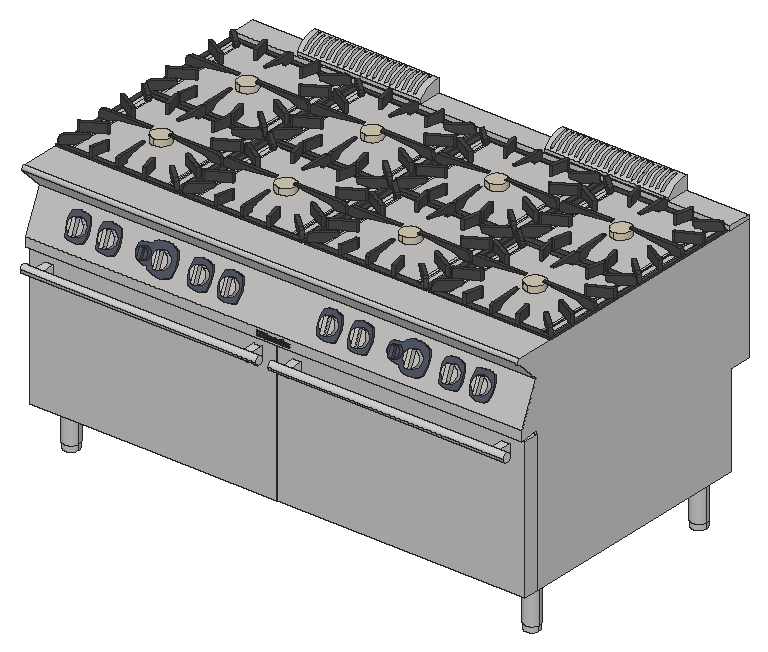
Revit family "QF_ELECTROLUXPROFESSIONAL_391584_E9AAPTBBMKI", category Attrezzature speciali, Revit 2018
Family settings
  Quota connettore circolare = Usa diametro
  Tipo di parte = Normale
  Basato su piano di lavoro = No
  Sempre verticale = Sì
  Taglio con vuoti quando caricato = No
  Condiviso = No
  Punto di calcolo locali = No
Parameters (values of type "Standard")
  Weight = 300.00 kg
  Watts = 0 W
  Volts = 0 V
  URL Manufacturer = "https://www.electroluxprofessional.com/"
  URL = "https://www.electroluxprofessional.com/"
  Steam Supply Size = 0"
  Steam Supply Minimum Pressure = 0.00 psi
  Steam Supply Maximum Pressure = 0.00 psi
  Steam Consumption per Hour = 0
  Show Logo [instance] = yes
  Show Clearance [instance] = yes
  Refrigeration Suction Line Size = 0 mm
  Refrigeration Liquid Line Size = 0 mm
  Refrigerant Compressor Remote = yes
  Phase = 0
  Modello = "E9AAPTBBMKI"
  Produttore = "Electrolux Professional"
  Length Actual = 1600 mm  # constant formula
  Item Number = "391584"
  Hot Water Size = 0"
  Height Actual = 850 mm  # constant formula
  HP = "0 HP"
  Gas Size = 1/2"
  Gas KW = 73
  Gas Input Pressure = 2.44723 Btu/h
  Direct Waste Size = 0"
  Descrizione = "8-BURNER GAS RANGE+2 OVENS 1600MM - QMARK"
  Depth Actual = 930 mm  # constant formula
  Cycle = 0 Hz
  Condensate Return Size = 0"
  Compressed Air Volume = 0 GPM
  Compressed Air Size = 0"
  Compressed Air Pressure = 0.00 psi
  Cold Water Size = 0"
  Assembly Code = ""
  Accessory = yes
Values of the unnamed type that differ from the named types
  Weight = 0.00 kg
  URL Manufacturer = ""
  Item Number = ""
  HP = ""
  Gas KW = 0
  Gas Input Pressure = 0.0 Btu/h
Reference planes
  plane 1 "BACK": y = 0
  plane 2: z = 0
  plane 3 "LEFT": x = 0
  plane 4 "RIGHT": x = 1600
  plane 5 "FRONT": y = -700
  plane 6 "TOP": z = 908
  plane 7 "Center Y": x = 800
  plane 8 "Center X": y = -350
  plane 9 "Base": z = 150
  plane 10: z = 850
  plane 11: y = -930
  plane 12: y = -1109
  plane 13: y = -128
  plane 14: y = -802
  plane 15: y = -1310
  plane 16: y = -665
  plane 17: x = 56
  plane 18: x = 1544
  plane 19: x = 749
Forms (mm)
  Extrusion 1, solid, material "QF_Finishes_Stainless Steel"
    sketch origin (0, 0, 0) x (0, 1, 0) y (0, 0, 1)
      loop
        line (0, 450) -> (0, 850) -> (-921.37, 850)
        arc (-921.37, 850) -> (-929.343, 844.673) -> (-927.472, 835.268) r 8.63
        line (-927.472, 835.268) -> (-858.266, 765.933) -> (-915.833, 640.576) -> (-915.833, 609.279) -> (-855.839, 613.975)
        arc (-855.839, 613.975) -> (-853.314, 613.227) -> (-852.222, 610.831) r 3.175
        line (-852.222, 610.831) -> (-852.222, 150) -> (-71, 150) -> (-71, 450) -> (0, 450)
    from 0 to 1600
  Extrusion 2, solid, material "QF_Finishes_Stainless Steel"
    sketch origin (0, -852.222, 610.831) x (0, 0, -1) y (1, 0, 0)
      loop
        line (460.831, 363.774) -> (460.831, 798) -> (9.61, 798) -> (9.61, 378.321) -> (9.61, 0) -> (460.831, 0) -> (460.831, 363.774)
      loop
        line (9.61, 1600) -> (9.61, 802) -> (460.831, 802) -> (460.831, 1600) -> (9.61, 1600)
    from 3.175 to 47.778
  Extrusion 3, solid, material "QF_Finishes_Stainless Steel"
    sketch origin (0, 0, 0) x (0, -1, 0) y (0, 0, 1)
      loop
        line (0, 850) -> (76.2, 850) -> (76.2, 864.288) -> (0, 864.288) -> (0, 850)
    from 0 to -1600
  Extrusion 4, solid, material "QF_Finishes_Stainless Steel"
    sketch origin (0, -852.222, 150) x (1, 0, 0) y (0, -1, 0)
      loop
        circle (1549, -187.222) r 6.4
      loop
        circle (749, -187.222) r 6.4
    from 0 to 22
  Extrusion 5, solid, material "QF_Door-Drawer Clearances", visible <- "Show Clearance", detail levels coarse
    sketch origin (0, -200, 0) x (0, 1, 0) y (0, 0, 1)
      loop
        line (-1110, 150) -> (-700, 150) -> (-700, 602.41)
        arc (-700, 602.41) -> (-992.25, 455.276) -> (-1110, 150) r 454.603
    from 0 to 798
  Extrusion 6, solid, material "QF_Clearances", visible <- "Show Clearance", detail levels coarse
    sketch origin (0, -200, 0) x (1, 0, 0) y (0, 1, 0)
      loop
        line (-100, -730) -> (0, -730) -> (0, 200) -> (1600, 200) -> (1600, -730) -> (1700, -730) -> (1700, 300) -> (-100, 300) -> (-100, -730)
    from 0 to 908
  Extrusion 7, solid, material "QF_Finishes_Handrails and Railings"
    sketch origin (0, -200, 0) x (0, 1, 0) y (0, 0, 1)
      loop
        line (-700, 579.101) -> (-738.549, 576.396)
        arc (-738.549, 576.396) -> (-739.742, 562.589) -> (-752.852, 558.093) r 12.7
        arc (-752.852, 558.093) -> (-752.311, 557.276) -> (-751.712, 556.501) r 13.441
        arc (-751.712, 556.501) -> (-749.907, 555.055) -> (-747.68, 554.435) r 5.77
        line (-747.68, 554.435) -> (-700, 551.092) -> (-700, 579.101)
    from 50.8 to 76.2
  Extrusion 8, solid, material "QF_Finishes_Handrails and Railings"
    sketch origin (800, -200, 0) x (0, 1, 0) y (0, 0, -1)
      loop
        line (-700, -579.101) -> (-700, -551.092) -> (-747.68, -554.435)
        arc (-747.68, -554.435) -> (-749.907, -555.055) -> (-751.712, -556.501) r 5.77
        arc (-751.712, -556.501) -> (-752.311, -557.276) -> (-752.852, -558.093) r 13.441
        arc (-752.852, -558.093) -> (-739.742, -562.589) -> (-738.549, -576.396) r 12.7
        line (-738.549, -576.396) -> (-700, -579.101)
    from 50.8 to 76.2
  Extrusion 9, solid, material "QF_Finishes_Handrails and Railings"
    sketch origin (0, -200, 0) x (0, 1, 0) y (0, 0, 1)
      loop
        circle (-749.749, 570.409) r 12.7
    from 19.875 to 780.125
  Extrusion 10, solid, material "QF_Finishes_Navy Blue"
    sketch origin (2.744, -913.772, 646.186) x (0, 0.418102, 0.9084) y (-1, 0, 0)
      loop
        arc (102.623, -510.47) -> (67.041, -502.846) -> (31.333, -509.853) r 90.5
        arc (31.333, -509.853) -> (24.507, -539.04) -> (31.333, -568.228) r 65.817
        arc (31.333, -568.228) -> (67.04, -575.188) -> (102.623, -567.615) r 91.066
        arc (102.623, -567.615) -> (109.179, -539.043) -> (102.623, -510.47) r 65.546
    from 0 to 3.175
  Extrusion 11, solid, material "QF_Finishes_Stainless Steel"
    sketch origin (381.494, -917.485, 645.711) x (0, 0.418102, 0.9084) y (-1, 0, 0)
      loop
        circle (68.826, -160.963) r 25.4
    from 0 to 12.7
  Extrusion 12, solid, material "QF_Finishes_Stainless Steel"
    sketch origin (381.494, -929.022, 651.021) x (0, 0.418102, 0.9084) y (-1, 0, 0)
      loop
        arc (93.558, -166.749) -> (94.226, -160.963) -> (93.558, -155.177) r 25.4
        line (93.558, -155.177) -> (44.094, -155.177)
        arc (44.094, -155.177) -> (43.426, -160.963) -> (44.094, -166.749) r 25.4
        line (44.094, -166.749) -> (93.558, -166.749)
    from 0 to 12.7
  Extrusion 13, solid, material "QF_Finishes_Navy Blue"
    sketch origin (-119.713, -913.772, 646.186) x (0, 0.418102, 0.9084) y (-1, 0, 0)
      loop
        arc (104.355, -502.587) -> (101.326, -501.258) -> (98.25, -500.039) r 91.066
        arc (98.25, -500.039) -> (96.592, -482.449) -> (93.213, -465.107) r 179.528
        arc (93.213, -465.107) -> (69.244, -452.795) -> (45.274, -465.107) r 29.489
        arc (45.274, -465.107) -> (38.909, -481.441) -> (37.449, -498.912) r 61.044
        arc (37.449, -498.912) -> (34.471, -499.962) -> (31.532, -501.116) r 91.066
        arc (31.532, -501.116) -> (19.517, -540.223) -> (32.929, -578.873) r 65.817
        arc (32.929, -578.873) -> (68.105, -585.173) -> (102.996, -577.452) r 91.066
        arc (102.996, -577.452) -> (115.418, -540.233) -> (104.355, -502.587) r 65.546
    from 0 to 3.175
  Extrusion 14, solid, material "QF_Finishes_Stainless Steel"
    sketch origin (259.037, -917.485, 645.711) x (0, 0.418102, 0.9084) y (-1, 0, 0)
      loop
        circle (68.826, -160.963) r 25.4
    from 0 to 12.7
  Extrusion 15, solid, material "QF_Finishes_Stainless Steel"
    sketch origin (259.037, -929.022, 651.021) x (0, 0.418102, 0.9084) y (-1, 0, 0)
      loop
        arc (93.558, -166.749) -> (94.226, -160.963) -> (93.558, -155.177) r 25.4
        line (93.558, -155.177) -> (44.094, -155.177)
        arc (44.094, -155.177) -> (43.426, -160.963) -> (44.094, -166.749) r 25.4
        line (44.094, -166.749) -> (93.558, -166.749)
    from 0 to 12.7
  Extrusion 16, solid, material "QF_Finishes_Navy Blue"
    sketch origin (201.537, -917.485, 645.711) x (0, 0.418102, 0.9084) y (-1, 0, 0)
      loop
        circle (68.826, -160.963) r 18.37
    from 0 to 12.7
  Extrusion 17, solid, material "QF_Finishes_Navy Blue"
    sketch origin (200.246, -929.022, 651.021) x (0, 0.418102, 0.9084) y (-1, 0, 0)
      loop
        arc (84.808, -167.687) -> (85.476, -161.901) -> (84.808, -156.114) r 25.4
        line (84.808, -156.114) -> (52.844, -156.114)
        arc (52.844, -156.114) -> (52.176, -161.901) -> (52.844, -167.687) r 25.4
        line (52.844, -167.687) -> (84.808, -167.687)
    from 0 to 8.112
  Extrusion 18, solid, material "QF_Finishes_Navy Blue"
    sketch origin (100.244, -913.772, 646.186) x (0, 0.418102, 0.9084) y (-1, 0, 0)
      loop
        arc (102.623, -510.47) -> (67.041, -502.846) -> (31.333, -509.853) r 90.5
        arc (31.333, -509.853) -> (24.507, -539.04) -> (31.333, -568.228) r 65.817
        arc (31.333, -568.228) -> (67.04, -575.188) -> (102.623, -567.615) r 91.066
        arc (102.623, -567.615) -> (109.179, -539.043) -> (102.623, -510.47) r 65.546
    from 0 to 3.175
  Extrusion 19, solid, material "QF_Finishes_Stainless Steel"
    sketch origin (478.994, -917.485, 645.711) x (0, 0.418102, 0.9084) y (-1, 0, 0)
      loop
        circle (68.826, -160.963) r 25.4
    from 0 to 12.7
  Extrusion 20, solid, material "QF_Finishes_Stainless Steel"
    sketch origin (478.994, -929.022, 651.021) x (0, 0.418102, 0.9084) y (-1, 0, 0)
      loop
        arc (93.558, -166.749) -> (94.226, -160.963) -> (93.558, -155.177) r 25.4
        line (93.558, -155.177) -> (44.094, -155.177)
        arc (44.094, -155.177) -> (43.426, -160.963) -> (44.094, -166.749) r 25.4
        line (44.094, -166.749) -> (93.558, -166.749)
    from 0 to 12.7
  Extrusion 21, solid, material "QF_Finishes_Navy Blue"
    sketch origin (-392.256, -913.772, 646.186) x (0, 0.418102, 0.9084) y (-1, 0, 0)
      loop
        arc (102.623, -510.47) -> (67.041, -502.846) -> (31.333, -509.853) r 90.5
        arc (31.333, -509.853) -> (24.507, -539.04) -> (31.333, -568.228) r 65.817
        arc (31.333, -568.228) -> (67.04, -575.188) -> (102.623, -567.615) r 91.066
        arc (102.623, -567.615) -> (109.179, -539.043) -> (102.623, -510.47) r 65.546
    from 0 to 3.175
  Extrusion 22, solid, material "QF_Finishes_Stainless Steel"
    sketch origin (-13.506, -917.485, 645.711) x (0, 0.418102, 0.9084) y (-1, 0, 0)
      loop
        circle (68.826, -160.963) r 25.4
    from 0 to 12.7
  Extrusion 23, solid, material "QF_Finishes_Stainless Steel"
    sketch origin (-13.506, -929.022, 651.021) x (0, 0.418102, 0.9084) y (-1, 0, 0)
      loop
        arc (93.558, -166.749) -> (94.226, -160.963) -> (93.558, -155.177) r 25.4
        line (93.558, -155.177) -> (44.094, -155.177)
        arc (44.094, -155.177) -> (43.426, -160.963) -> (44.094, -166.749) r 25.4
        line (44.094, -166.749) -> (93.558, -166.749)
    from 0 to 12.7
  Extrusion 24, solid, material "QF_Finishes_Navy Blue"
    sketch origin (-292.256, -913.772, 646.186) x (0, 0.418102, 0.9084) y (-1, 0, 0)
      loop
        arc (102.623, -510.47) -> (67.041, -502.846) -> (31.333, -509.853) r 90.5
        arc (31.333, -509.853) -> (24.507, -539.04) -> (31.333, -568.228) r 65.817
        arc (31.333, -568.228) -> (67.04, -575.188) -> (102.623, -567.615) r 91.066
        arc (102.623, -567.615) -> (109.179, -539.043) -> (102.623, -510.47) r 65.546
    from 0 to 3.175
  Extrusion 25, solid, material "QF_Finishes_Stainless Steel"
    sketch origin (86.494, -917.485, 645.711) x (0, 0.418102, 0.9084) y (-1, 0, 0)
      loop
        circle (68.826, -160.963) r 25.4
    from 0 to 12.7
  Extrusion 26, solid, material "QF_Finishes_Stainless Steel"
    sketch origin (86.494, -929.022, 651.021) x (0, 0.418102, 0.9084) y (-1, 0, 0)
      loop
        arc (93.558, -166.749) -> (94.226, -160.963) -> (93.558, -155.177) r 25.4
        line (93.558, -155.177) -> (44.094, -155.177)
        arc (44.094, -155.177) -> (43.426, -160.963) -> (44.094, -166.749) r 25.4
        line (44.094, -166.749) -> (93.558, -166.749)
    from 0 to 12.7
  Extrusion 27, solid, material "QF_Finishes_Stainless Steel"
    sketch origin (0, -852.222, 150) x (1, 0, 0) y (0, -1, 0)
      loop
        circle (1557, -276.222) r 12.7
    from 0 to 5
  Revolve 28, solid, material "QF_Finishes_Stainless Steel"
    sketch origin (1, -128, 0) x (1, 0, 0) y (0, 0, 1)
      loop
        line (55, 0) -> (55, 150) -> (29.6, 150) -> (29.6, 19.05) -> (32.1, 19.05) -> (32.1, 0) -> (55, 0)
      axis (55, 0) -> (55, 150)
    angle from 0 to 360
  Revolve 29, solid, material "QF_Finishes_Stainless Steel"
    sketch origin (1, -802, 0) x (1, 0, 0) y (0, 0, 1)
      loop
        line (55, 0) -> (55, 150) -> (29.6, 150) -> (29.6, 19.05) -> (32.1, 19.05) -> (32.1, 0) -> (55, 0)
      axis (55, 0) -> (55, 150)
    angle from 0 to 360
  Extrusion 30, solid, material "QF_Finishes_Stainless Steel"
    sketch origin (1000, -200, 590.5) x (0, 1, 0) y (0, 0, -1)
      loop
        line (200, -273.788) -> (130.15, -273.788) -> (130.15, -283.312)
        arc (130.15, -283.312) -> (160.928, -308.879) -> (200, -317.5) r 84.854
        line (200, -317.5) -> (200, -273.788)
    from 400 to 800
  Extrusion 31, void
    sketch origin (1265.011, 0, 865.138) x (1, 0, 0) y (0, 1, 0)
      loop
        line (-695.005, -6.761) -> (-695.005, -63.911) -> (-685.709, -63.911) -> (-685.709, -6.761) -> (-695.005, -6.761)
      loop
        line (-713.697, -6.761) -> (-713.697, -63.911) -> (-704.401, -63.911) -> (-704.401, -6.761) -> (-713.697, -6.761)
      loop
        line (-732.39, -6.761) -> (-732.39, -63.911) -> (-723.094, -63.911) -> (-723.094, -6.761) -> (-732.39, -6.761)
      loop
        line (-751.082, -6.761) -> (-751.082, -63.911) -> (-741.787, -63.911) -> (-741.787, -6.761) -> (-751.082, -6.761)
      loop
        line (-769.775, -6.761) -> (-769.775, -63.911) -> (-760.479, -63.911) -> (-760.479, -6.761) -> (-769.775, -6.761)
      loop
        line (-788.468, -6.761) -> (-788.468, -63.911) -> (-779.172, -63.911) -> (-779.172, -6.761) -> (-788.468, -6.761)
      loop
        line (-807.16, -6.761) -> (-807.16, -63.911) -> (-797.864, -63.911) -> (-797.864, -6.761) -> (-807.16, -6.761)
      loop
        line (-825.853, -6.761) -> (-825.853, -63.911) -> (-816.557, -63.911) -> (-816.557, -6.761) -> (-825.853, -6.761)
      loop
        line (-844.545, -6.761) -> (-844.545, -63.911) -> (-835.25, -63.911) -> (-835.25, -6.761) -> (-844.545, -6.761)
      loop
        line (-863.238, -6.761) -> (-863.238, -63.911) -> (-853.942, -63.911) -> (-853.942, -6.761) -> (-863.238, -6.761)
      loop
        line (-881.931, -6.761) -> (-881.931, -63.911) -> (-872.635, -63.911) -> (-872.635, -6.761) -> (-881.931, -6.761)
      loop
        line (-900.623, -6.761) -> (-900.623, -63.911) -> (-891.328, -63.911) -> (-891.328, -6.761) -> (-900.623, -6.761)
      loop
        line (-919.316, -6.761) -> (-919.316, -63.911) -> (-910.02, -63.911) -> (-910.02, -6.761) -> (-919.316, -6.761)
      loop
        line (-938.008, -6.761) -> (-938.008, -63.911) -> (-928.713, -63.911) -> (-928.713, -6.761) -> (-938.008, -6.761)
      loop
        line (-956.701, -6.761) -> (-956.701, -63.911) -> (-947.405, -63.911) -> (-947.405, -6.761) -> (-956.701, -6.761)
      loop
        line (-975.394, -6.761) -> (-975.394, -63.911) -> (-966.098, -63.911) -> (-966.098, -6.761) -> (-975.394, -6.761)
      loop
        line (-994.086, -6.761) -> (-994.086, -63.911) -> (-984.791, -63.911) -> (-984.791, -6.761) -> (-994.086, -6.761)
      loop
        line (-1012.779, -6.761) -> (-1012.779, -63.911) -> (-1003.483, -63.911) -> (-1003.483, -6.761) -> (-1012.779, -6.761)
      loop
        line (-1031.472, -6.761) -> (-1031.472, -63.911) -> (-1022.176, -63.911) -> (-1022.176, -6.761) -> (-1031.472, -6.761)
      loop
        line (-1050.164, -6.761) -> (-1050.164, -63.911) -> (-1040.868, -63.911) -> (-1040.868, -6.761) -> (-1050.164, -6.761)
    from 9.525 to 45.348
  Extrusion 32, solid, material "QF_Finishes_Handrails and Railings"
    sketch origin (1600, -200, 0) x (0, 1, 0) y (0, 0, -1)
      loop
        line (-700, -579.101) -> (-700, -551.092) -> (-747.68, -554.435)
        arc (-747.68, -554.435) -> (-749.907, -555.055) -> (-751.712, -556.501) r 5.77
        arc (-751.712, -556.501) -> (-752.311, -557.276) -> (-752.852, -558.093) r 13.441
        arc (-752.852, -558.093) -> (-739.742, -562.589) -> (-738.549, -576.396) r 12.7
        line (-738.549, -576.396) -> (-700, -579.101)
    from 50.8 to 76.2
  Extrusion 33, solid, material "QF_Finishes_Handrails and Railings"
    sketch origin (800, -200, 0) x (0, 1, 0) y (0, 0, 1)
      loop
        line (-700, 579.101) -> (-738.549, 576.396)
        arc (-738.549, 576.396) -> (-739.742, 562.589) -> (-752.852, 558.093) r 12.7
        arc (-752.852, 558.093) -> (-752.311, 557.276) -> (-751.712, 556.501) r 13.441
        arc (-751.712, 556.501) -> (-749.907, 555.055) -> (-747.68, 554.435) r 5.77
        line (-747.68, 554.435) -> (-700, 551.092) -> (-700, 579.101)
    from 50.8 to 76.2
  Extrusion 34, solid, material "QF_Finishes_Handrails and Railings"
    sketch origin (1600, -200, 0) x (0, 1, 0) y (0, 0, -1)
      loop
        circle (-749.749, -570.409) r 12.7
    from 19.875 to 780.125
  Revolve 35, solid, material "QF_Finishes_Stainless Steel"
    sketch origin (1599, -128, 0) x (-1, 0, 0) y (0, 0, -1)
      loop
        line (55, 0) -> (32.1, 0) -> (32.1, -19.05) -> (29.6, -19.05) -> (29.6, -150) -> (55, -150) -> (55, 0)
      axis (55, 0) -> (55, -150)
    angle from 0 to 360
  Revolve 36, solid, material "QF_Finishes_Stainless Steel"
    sketch origin (1599, -802, 0) x (-1, 0, 0) y (0, 0, -1)
      loop
        line (55, 0) -> (32.1, 0) -> (32.1, -19.05) -> (29.6, -19.05) -> (29.6, -150) -> (55, -150) -> (55, 0)
      axis (55, 0) -> (55, -150)
    angle from 0 to 360
  Extrusion 37, solid, material "QF_Finishes_Navy Blue"
    sketch origin (815.33, -913.772, 646.186) x (0, 0.418102, 0.9084) y (-1, 0, 0)
      loop
        arc (102.623, -510.47) -> (67.041, -502.846) -> (31.333, -509.853) r 90.5
        arc (31.333, -509.853) -> (24.507, -539.04) -> (31.333, -568.228) r 65.817
        arc (31.333, -568.228) -> (67.04, -575.188) -> (102.623, -567.615) r 91.066
        arc (102.623, -567.615) -> (109.179, -539.043) -> (102.623, -510.47) r 65.546
    from 0 to 3.175
  Extrusion 38, solid, material "QF_Finishes_Stainless Steel"
    sketch origin (1194.08, -917.485, 645.711) x (0, 0.418102, 0.9084) y (-1, 0, 0)
      loop
        circle (68.826, -160.963) r 25.4
    from 0 to 12.7
  Extrusion 39, solid, material "QF_Finishes_Stainless Steel"
    sketch origin (1194.08, -929.022, 651.021) x (0, 0.418102, 0.9084) y (-1, 0, 0)
      loop
        arc (93.558, -166.749) -> (94.226, -160.963) -> (93.558, -155.177) r 25.4
        line (93.558, -155.177) -> (44.094, -155.177)
        arc (44.094, -155.177) -> (43.426, -160.963) -> (44.094, -166.749) r 25.4
        line (44.094, -166.749) -> (93.558, -166.749)
    from 0 to 12.7
  Extrusion 40, solid, material "QF_Finishes_Navy Blue"
    sketch origin (692.873, -913.772, 646.186) x (0, 0.418102, 0.9084) y (-1, 0, 0)
      loop
        arc (104.355, -502.587) -> (101.326, -501.258) -> (98.25, -500.039) r 91.066
        arc (98.25, -500.039) -> (96.592, -482.449) -> (93.213, -465.107) r 179.528
        arc (93.213, -465.107) -> (69.244, -452.795) -> (45.274, -465.107) r 29.489
        arc (45.274, -465.107) -> (38.909, -481.441) -> (37.449, -498.912) r 61.044
        arc (37.449, -498.912) -> (34.471, -499.962) -> (31.532, -501.116) r 91.066
        arc (31.532, -501.116) -> (19.517, -540.223) -> (32.929, -578.873) r 65.817
        arc (32.929, -578.873) -> (68.105, -585.173) -> (102.996, -577.452) r 91.066
        arc (102.996, -577.452) -> (115.418, -540.233) -> (104.355, -502.587) r 65.546
    from 0 to 3.175
  Extrusion 41, solid, material "QF_Finishes_Stainless Steel"
    sketch origin (1071.623, -917.485, 645.711) x (0, 0.418102, 0.9084) y (-1, 0, 0)
      loop
        circle (68.826, -160.963) r 25.4
    from 0 to 12.7
  Extrusion 42, solid, material "QF_Finishes_Stainless Steel"
    sketch origin (1071.623, -929.022, 651.021) x (0, 0.418102, 0.9084) y (-1, 0, 0)
      loop
        arc (93.558, -166.749) -> (94.226, -160.963) -> (93.558, -155.177) r 25.4
        line (93.558, -155.177) -> (44.094, -155.177)
        arc (44.094, -155.177) -> (43.426, -160.963) -> (44.094, -166.749) r 25.4
        line (44.094, -166.749) -> (93.558, -166.749)
    from 0 to 12.7
  Extrusion 43, solid, material "QF_Finishes_Navy Blue"
    sketch origin (1014.123, -917.485, 645.711) x (0, 0.418102, 0.9084) y (-1, 0, 0)
      loop
        circle (68.826, -160.963) r 18.37
    from 0 to 12.7
  Extrusion 44, solid, material "QF_Finishes_Navy Blue"
    sketch origin (1012.832, -929.022, 651.021) x (0, 0.418102, 0.9084) y (-1, 0, 0)
      loop
        arc (84.808, -167.687) -> (85.476, -161.901) -> (84.808, -156.114) r 25.4
        line (84.808, -156.114) -> (52.844, -156.114)
        arc (52.844, -156.114) -> (52.176, -161.901) -> (52.844, -167.687) r 25.4
        line (52.844, -167.687) -> (84.808, -167.687)
    from 0 to 8.112
  Extrusion 45, solid, material "QF_Finishes_Navy Blue"
    sketch origin (912.83, -913.772, 646.186) x (0, 0.418102, 0.9084) y (-1, 0, 0)
      loop
        arc (102.623, -510.47) -> (67.041, -502.846) -> (31.333, -509.853) r 90.5
        arc (31.333, -509.853) -> (24.507, -539.04) -> (31.333, -568.228) r 65.817
        arc (31.333, -568.228) -> (67.04, -575.188) -> (102.623, -567.615) r 91.066
        arc (102.623, -567.615) -> (109.179, -539.043) -> (102.623, -510.47) r 65.546
    from 0 to 3.175
  Extrusion 46, solid, material "QF_Finishes_Stainless Steel"
    sketch origin (1291.58, -917.485, 645.711) x (0, 0.418102, 0.9084) y (-1, 0, 0)
      loop
        circle (68.826, -160.963) r 25.4
    from 0 to 12.7
  Extrusion 47, solid, material "QF_Finishes_Stainless Steel"
    sketch origin (1291.58, -929.022, 651.021) x (0, 0.418102, 0.9084) y (-1, 0, 0)
      loop
        arc (93.558, -166.749) -> (94.226, -160.963) -> (93.558, -155.177) r 25.4
        line (93.558, -155.177) -> (44.094, -155.177)
        arc (44.094, -155.177) -> (43.426, -160.963) -> (44.094, -166.749) r 25.4
        line (44.094, -166.749) -> (93.558, -166.749)
    from 0 to 12.7
  Extrusion 48, solid, material "QF_Finishes_Navy Blue"
    sketch origin (420.33, -913.772, 646.186) x (0, 0.418102, 0.9084) y (-1, 0, 0)
      loop
        arc (102.623, -510.47) -> (67.041, -502.846) -> (31.333, -509.853) r 90.5
        arc (31.333, -509.853) -> (24.507, -539.04) -> (31.333, -568.228) r 65.817
        arc (31.333, -568.228) -> (67.04, -575.188) -> (102.623, -567.615) r 91.066
        arc (102.623, -567.615) -> (109.179, -539.043) -> (102.623, -510.47) r 65.546
    from 0 to 3.175
  Extrusion 49, solid, material "QF_Finishes_Stainless Steel"
    sketch origin (799.08, -917.485, 645.711) x (0, 0.418102, 0.9084) y (-1, 0, 0)
      loop
        circle (68.826, -160.963) r 25.4
    from 0 to 12.7
  Extrusion 50, solid, material "QF_Finishes_Stainless Steel"
    sketch origin (799.08, -929.022, 651.021) x (0, 0.418102, 0.9084) y (-1, 0, 0)
      loop
        arc (93.558, -166.749) -> (94.226, -160.963) -> (93.558, -155.177) r 25.4
        line (93.558, -155.177) -> (44.094, -155.177)
        arc (44.094, -155.177) -> (43.426, -160.963) -> (44.094, -166.749) r 25.4
        line (44.094, -166.749) -> (93.558, -166.749)
    from 0 to 12.7
  Extrusion 51, solid, material "QF_Finishes_Navy Blue"
    sketch origin (520.33, -913.772, 646.186) x (0, 0.418102, 0.9084) y (-1, 0, 0)
      loop
        arc (102.623, -510.47) -> (67.041, -502.846) -> (31.333, -509.853) r 90.5
        arc (31.333, -509.853) -> (24.507, -539.04) -> (31.333, -568.228) r 65.817
        arc (31.333, -568.228) -> (67.04, -575.188) -> (102.623, -567.615) r 91.066
        arc (102.623, -567.615) -> (109.179, -539.043) -> (102.623, -510.47) r 65.546
    from 0 to 3.175
  Extrusion 52, solid, material "QF_Finishes_Stainless Steel"
    sketch origin (899.08, -917.485, 645.711) x (0, 0.418102, 0.9084) y (-1, 0, 0)
      loop
        circle (68.826, -160.963) r 25.4
    from 0 to 12.7
  Extrusion 53, solid, material "QF_Finishes_Stainless Steel"
    sketch origin (899.08, -929.022, 651.021) x (0, 0.418102, 0.9084) y (-1, 0, 0)
      loop
        arc (93.558, -166.749) -> (94.226, -160.963) -> (93.558, -155.177) r 25.4
        line (93.558, -155.177) -> (44.094, -155.177)
        arc (44.094, -155.177) -> (43.426, -160.963) -> (44.094, -166.749) r 25.4
        line (44.094, -166.749) -> (93.558, -166.749)
    from 0 to 12.7
  Extrusion 54, solid, material "QF_Door-Drawer Clearances", visible <- "Show Clearance", detail levels coarse
    sketch origin (0, -200, 0) x (0, 1, 0) y (0, 0, 1)
      loop
        line (-1110, 150) -> (-700, 150) -> (-700, 602.41)
        arc (-700, 602.41) -> (-992.25, 455.276) -> (-1110, 150) r 454.603
    from 802 to 1600
  Extrusion 55, solid, material "QF_Finishes_Navy Blue", visible <- "Show Logo"
    sketch origin (0, -915.833, 609.279) x (0, 0, 1) y (-1, 0, 0)
      loop
        line (22.168, -756.207) -> (9.801, -756.207)
        arc (9.801, -756.207) -> (15.985, -760.778) -> (22.168, -756.207) r 6.467
      loop
        arc (22.168, -755.578) -> (20.999, -750.435) -> (16.343, -747.957) r 6.338
        line (16.343, -747.957) -> (16.343, -750.003)
        arc (16.343, -750.003) -> (17.827, -753.658) -> (21.272, -755.578) r 5.941
        line (21.272, -755.578) -> (22.168, -755.578)
      loop
        arc (10.697, -755.578) -> (14.142, -753.658) -> (15.626, -750.003) r 5.941
        line (15.626, -750.003) -> (15.626, -747.957)
        arc (15.626, -747.957) -> (10.932, -750.431) -> (9.642, -755.578) r 6.504
        line (9.642, -755.578) -> (10.697, -755.578)
      loop
        line (22.843, -747.488) -> (9.098, -747.488) -> (9.098, -761.251) -> (22.843, -761.251) -> (22.843, -747.488)
      loop
        arc (22.926, -764.218) -> (22.579, -763.861) -> (22.212, -764.199) r 0.358
        arc (22.212, -764.199) -> (21.897, -764.949) -> (21.181, -765.334) r 1.216
        line (21.181, -765.334) -> (10.768, -765.334)
        arc (10.768, -765.334) -> (10.108, -765.056) -> (9.712, -764.46) r 1.238
        arc (9.712, -764.46) -> (9.317, -764.209) -> (9.012, -764.563) r 0.358
        line (9.012, -764.563) -> (9.012, -774.442) -> (11.763, -774.442) -> (11.763, -773.545)
        arc (11.763, -773.545) -> (10.854, -772.965) -> (10.398, -771.988) r 1.928
        line (10.398, -771.988) -> (10.398, -769.489)
        arc (10.398, -769.489) -> (10.674, -768.76) -> (11.362, -768.396) r 1.101
        line (11.362, -768.396) -> (15.449, -768.396) -> (15.449, -772.069)
        arc (15.449, -772.069) -> (15.096, -772.566) -> (14.531, -772.794) r 1.083
        arc (14.531, -772.794) -> (14.267, -773.1) -> (14.559, -773.378) r 0.292
        line (14.559, -773.378) -> (17.521, -773.378)
        arc (17.521, -773.378) -> (17.824, -773.105) -> (17.586, -772.775) r 0.305
        arc (17.586, -772.775) -> (17.095, -772.527) -> (16.79, -772.069) r 1.083
        line (16.79, -772.069) -> (16.79, -768.396) -> (21.467, -768.396) -> (21.467, -772.143)
        arc (21.467, -772.143) -> (21.253, -772.899) -> (20.647, -773.397) r 1.314
        arc (20.647, -773.397) -> (20.427, -773.801) -> (20.782, -774.093) r 0.361
        line (20.782, -774.093) -> (22.926, -774.093) -> (22.926, -764.218)
      loop
        arc (22.209, -774.874) -> (21.828, -775.793) -> (20.91, -776.173) r 1.299
        line (20.91, -776.173) -> (11.331, -776.173)
        arc (11.331, -776.173) -> (10.493, -775.795) -> (10.221, -774.917) r 1.118
        line (10.221, -774.917) -> (9.012, -774.917) -> (9.012, -780.267) -> (10.2, -780.267)
        arc (10.2, -780.267) -> (10.472, -779.35) -> (11.342, -778.954) r 1.153
        line (11.342, -778.954) -> (23.414, -778.954) -> (22.209, -774.874)
      loop
        line (13.977, -782.903) -> (13.977, -789.35) -> (14.776, -789.35)
        arc (14.776, -789.35) -> (17.356, -788.366) -> (18.625, -785.912) r 3.874
        line (18.625, -785.912) -> (18.625, -784.152)
        arc (18.625, -784.152) -> (17.438, -781.287) -> (14.574, -780.101) r 4.051
        line (14.574, -780.101) -> (12.566, -780.101)
        arc (12.566, -780.101) -> (9.747, -781.586) -> (8.695, -784.593) r 4.352
        arc (8.695, -784.593) -> (9.06, -787.056) -> (10.437, -789.13) r 5.713
        line (10.437, -789.13) -> (11.386, -789.13)
        arc (11.386, -789.13) -> (10.654, -787.561) -> (10.437, -785.843) r 5.579
        arc (10.437, -785.843) -> (11.231, -783.88) -> (13.11, -782.903) r 3.057
        line (13.11, -782.903) -> (13.977, -782.903)
      loop
        line (15.236, -782.903) -> (15.236, -786.485)
        arc (15.236, -786.485) -> (16.693, -786.532) -> (17.576, -785.373) r 1.59
        line (17.576, -785.373) -> (17.576, -784.543)
        arc (17.576, -784.543) -> (16.711, -783.288) -> (15.236, -782.903) r 2.184
      loop
        arc (18.027, -798.768) -> (18.516, -797.094) -> (18.673, -795.357) r 9.023
        line (18.673, -795.357) -> (18.673, -793.995)
        arc (18.673, -793.995) -> (17.514, -791.195) -> (14.714, -790.035) r 3.959
        line (14.714, -790.035) -> (12.114, -790.035)
        arc (12.114, -790.035) -> (9.832, -791.328) -> (8.715, -793.701) r 4.331
        line (8.715, -793.701) -> (8.715, -795.836)
        arc (8.715, -795.836) -> (9.223, -797.386) -> (10.145, -798.732) r 5.772
        arc (10.145, -798.732) -> (10.906, -798.783) -> (10.993, -798.024) r 0.553
        arc (10.993, -798.024) -> (10.605, -797.29) -> (10.471, -796.471) r 2.573
        line (10.471, -796.471) -> (10.471, -794.956)
        arc (10.471, -794.956) -> (11.477, -793.314) -> (13.292, -792.672) r 2.884
        line (13.292, -792.672) -> (14.57, -792.672)
        arc (14.57, -792.672) -> (16.392, -793.232) -> (17.318, -794.897) r 2.554
        line (17.318, -794.897) -> (17.318, -795.95)
        arc (17.318, -795.95) -> (16.987, -796.878) -> (16.33, -797.613) r 2.564
        arc (16.33, -797.613) -> (16.108, -798.33) -> (16.717, -798.768) r 0.643
        line (16.717, -798.768) -> (18.027, -798.768)
      loop
        line (17.009, -799.038) -> (17.009, -800.539) -> (10.961, -800.539)
        arc (10.961, -800.539) -> (9.373, -801.197) -> (8.715, -802.785) r 2.246
        line (8.715, -802.785) -> (8.715, -804.369)
        arc (8.715, -804.369) -> (9.029, -805.233) -> (9.529, -806.005) r 4.06
        arc (9.529, -806.005) -> (10.262, -806.138) -> (10.513, -805.437) r 0.576
        arc (10.513, -805.437) -> (10.407, -804.911) -> (10.471, -804.379) r 1.69
        arc (10.471, -804.379) -> (11.013, -803.591) -> (11.919, -803.288) r 1.506
        line (11.919, -803.288) -> (17.057, -803.288) -> (17.057, -805.685) -> (17.613, -806.241) -> (18.435, -806.241) -> (18.435, -803.382) -> (21.666, -803.382) -> (17.009, -799.038)
      loop
        line (8.932, -807.139) -> (8.932, -812.526) -> (10.042, -812.526)
        arc (10.042, -812.526) -> (10.436, -811.575) -> (11.387, -811.181) r 1.345
        line (11.387, -811.181) -> (15.003, -811.181)
        arc (15.003, -811.181) -> (15.768, -811.773) -> (16.057, -812.695) r 1.615
        line (16.057, -812.695) -> (16.057, -814.251) -> (18.613, -814.936) -> (18.613, -813.553) -> (16.671, -810.994) -> (18.551, -810.994) -> (18.267, -808.288)
        arc (18.267, -808.288) -> (17.827, -807.758) -> (17.168, -807.959) r 0.621
        arc (17.168, -807.959) -> (16.768, -808.301) -> (16.274, -808.484) r 1.501
        line (16.274, -808.484) -> (11.387, -808.484)
        arc (11.387, -808.484) -> (10.436, -808.09) -> (10.042, -807.139) r 1.345
        line (10.042, -807.139) -> (8.932, -807.139)
      loop
        line (15.034, -814.473) -> (12.342, -814.473)
        arc (12.342, -814.473) -> (9.896, -815.781) -> (8.763, -818.311) r 4.288
        arc (8.763, -818.311) -> (8.699, -819.692) -> (8.763, -821.072) r 15.022
        arc (8.763, -821.072) -> (9.896, -823.603) -> (12.342, -824.91) r 4.288
        line (12.342, -824.91) -> (15.034, -824.91)
        arc (15.034, -824.91) -> (17.479, -823.603) -> (18.613, -821.072) r 4.288
        arc (18.613, -821.072) -> (18.677, -819.692) -> (18.613, -818.311) r 15.022
        arc (18.613, -818.311) -> (17.479, -815.781) -> (15.034, -814.473) r 4.288
      loop
        line (15.239, -817.587) -> (12.137, -817.587)
        arc (12.137, -817.587) -> (9.98, -819.744) -> (12.137, -821.901) r 2.157
        line (12.137, -821.901) -> (15.239, -821.901)
        arc (15.239, -821.901) -> (17.396, -819.744) -> (15.239, -817.587) r 2.157
      loop
        arc (22.22, -824.768) -> (21.849, -825.662) -> (20.955, -826.033) r 1.264
        line (20.955, -826.033) -> (11.091, -826.033)
        arc (11.091, -826.033) -> (10.221, -825.636) -> (9.949, -824.72) r 1.153
        line (9.949, -824.72) -> (9.012, -824.72) -> (9.012, -829.828) -> (9.94, -829.828)
        arc (9.94, -829.828) -> (10.299, -829.056) -> (11.091, -828.741) r 1.153
        line (11.091, -828.741) -> (23.414, -828.741) -> (22.22, -824.768)
      loop
        arc (17.34, -829.365) -> (17.141, -830.43) -> (16.172, -830.912) r 1.215
        line (16.172, -830.912) -> (11.152, -830.912)
        arc (11.152, -830.912) -> (9.537, -831.559) -> (8.816, -833.142) r 2.338
        line (8.816, -833.142) -> (8.816, -834.657)
        arc (8.816, -834.657) -> (8.991, -835.661) -> (9.493, -836.547) r 2.979
        line (9.493, -836.547) -> (9.012, -838.344) -> (9.012, -840.032) -> (18.437, -840.032) -> (18.143, -835.829) -> (17.357, -835.829)
        arc (17.357, -835.829) -> (17.001, -836.665) -> (16.249, -837.174) r 1.605
        line (16.249, -837.174) -> (11.146, -837.174)
        arc (11.146, -837.174) -> (10.726, -836.237) -> (10.653, -835.213) r 2.94
        arc (10.653, -835.213) -> (11.214, -834.112) -> (12.367, -833.669) r 1.724
        line (12.367, -833.669) -> (18.564, -833.669) -> (17.34, -829.365)
      loop
        line (18.368, -840.886) -> (16.696, -842.932) -> (13.522, -845.238) -> (10.066, -842.126)
        arc (10.066, -842.126) -> (9.828, -841.732) -> (9.851, -841.273) r 0.789
        line (9.851, -841.273) -> (9.012, -841.273) -> (9.012, -844.818) -> (9.838, -844.818)
        arc (9.838, -844.818) -> (10.18, -844.456) -> (10.67, -844.548) r 0.52
        line (10.67, -844.548) -> (12.47, -846.019) -> (10.352, -847.394)
        arc (10.352, -847.394) -> (9.951, -847.084) -> (9.864, -846.585) r 0.7
        line (9.864, -846.585) -> (9.012, -846.585) -> (9.012, -852.512) -> (9.898, -852.512)
        arc (9.898, -852.512) -> (9.965, -851.853) -> (10.36, -851.322) r 1.247
        line (10.36, -851.322) -> (14.56, -848.041) -> (17.007, -850.094) -> (18.368, -851.836) -> (18.368, -848.112) -> (16.883, -848.535) -> (15.362, -847.258) -> (17.062, -846.068) -> (18.368, -846.844) -> (18.368, -840.886)
    from 0 to 1.644
  Extrusion 56, solid, material "QF_Finishes_Stainless Steel"
    sketch origin (1800, -200, 590.5) x (0, 1, 0) y (0, 0, -1)
      loop
        line (200, -273.788) -> (130.15, -273.788) -> (130.15, -283.312)
        arc (130.15, -283.312) -> (160.928, -308.879) -> (200, -317.5) r 84.854
        line (200, -317.5) -> (200, -273.788)
    from 400 to 800
  Extrusion 57, void
    sketch origin (2065.011, 0, 865.138) x (1, 0, 0) y (0, 1, 0)
      loop
        line (-695.005, -6.761) -> (-695.005, -63.911) -> (-685.709, -63.911) -> (-685.709, -6.761) -> (-695.005, -6.761)
      loop
        line (-713.697, -6.761) -> (-713.697, -63.911) -> (-704.401, -63.911) -> (-704.401, -6.761) -> (-713.697, -6.761)
      loop
        line (-732.39, -6.761) -> (-732.39, -63.911) -> (-723.094, -63.911) -> (-723.094, -6.761) -> (-732.39, -6.761)
      loop
        line (-751.082, -6.761) -> (-751.082, -63.911) -> (-741.787, -63.911) -> (-741.787, -6.761) -> (-751.082, -6.761)
      loop
        line (-769.775, -6.761) -> (-769.775, -63.911) -> (-760.479, -63.911) -> (-760.479, -6.761) -> (-769.775, -6.761)
      loop
        line (-788.468, -6.761) -> (-788.468, -63.911) -> (-779.172, -63.911) -> (-779.172, -6.761) -> (-788.468, -6.761)
      loop
        line (-807.16, -6.761) -> (-807.16, -63.911) -> (-797.864, -63.911) -> (-797.864, -6.761) -> (-807.16, -6.761)
      loop
        line (-825.853, -6.761) -> (-825.853, -63.911) -> (-816.557, -63.911) -> (-816.557, -6.761) -> (-825.853, -6.761)
      loop
        line (-844.545, -6.761) -> (-844.545, -63.911) -> (-835.25, -63.911) -> (-835.25, -6.761) -> (-844.545, -6.761)
      loop
        line (-863.238, -6.761) -> (-863.238, -63.911) -> (-853.942, -63.911) -> (-853.942, -6.761) -> (-863.238, -6.761)
      loop
        line (-881.931, -6.761) -> (-881.931, -63.911) -> (-872.635, -63.911) -> (-872.635, -6.761) -> (-881.931, -6.761)
      loop
        line (-900.623, -6.761) -> (-900.623, -63.911) -> (-891.328, -63.911) -> (-891.328, -6.761) -> (-900.623, -6.761)
      loop
        line (-919.316, -6.761) -> (-919.316, -63.911) -> (-910.02, -63.911) -> (-910.02, -6.761) -> (-919.316, -6.761)
      loop
        line (-938.008, -6.761) -> (-938.008, -63.911) -> (-928.713, -63.911) -> (-928.713, -6.761) -> (-938.008, -6.761)
      loop
        line (-956.701, -6.761) -> (-956.701, -63.911) -> (-947.405, -63.911) -> (-947.405, -6.761) -> (-956.701, -6.761)
      loop
        line (-975.394, -6.761) -> (-975.394, -63.911) -> (-966.098, -63.911) -> (-966.098, -6.761) -> (-975.394, -6.761)
      loop
        line (-994.086, -6.761) -> (-994.086, -63.911) -> (-984.791, -63.911) -> (-984.791, -6.761) -> (-994.086, -6.761)
      loop
        line (-1012.779, -6.761) -> (-1012.779, -63.911) -> (-1003.483, -63.911) -> (-1003.483, -6.761) -> (-1012.779, -6.761)
      loop
        line (-1031.472, -6.761) -> (-1031.472, -63.911) -> (-1022.176, -63.911) -> (-1022.176, -6.761) -> (-1031.472, -6.761)
      loop
        line (-1050.164, -6.761) -> (-1050.164, -63.911) -> (-1040.868, -63.911) -> (-1040.868, -6.761) -> (-1050.164, -6.761)
    from 9.525 to 45.348
Cuts and joins
  Extrusion 31, Extrusion 57 cuts Extrusion 30
  Extrusion 57 cuts Extrusion 56
Lines and regions (mm)
  symbolic lines, style "QF_Door-Drawer Clearances"
    curve 1: line (0, -930, 150) -> (0, -1310, 150)
    curve 2: line (0, -1310, 150) -> (798, -1310, 150)
    curve 3: line (1600, -1310, 150) -> (1600, -930, 150)
    curve 121: line (802, -930, 0) -> (802, -1310, 0)
    curve 122: line (798, -1310, 0) -> (798, -930, 0)
    curve 123: line (802, -1310, 150) -> (1600, -1310, 150)
  symbolic lines
    curve 4: line (1600, -930, 150) -> (0, -930, 150)
    curve 5: line (0, 0, 150) -> (0, -930, 150)
    curve 6: line (1600, -930, 150) -> (1600, 0, 150)
    curve 7: line (0, 0, 150) -> (1600, 0, 150)
    curve 11: line (780.125, -962.449, 150) -> (19.875, -962.449, 150)
    curve 12: line (780.125, -937.049, 150) -> (780.125, -962.449, 150)
    curve 13: line (749.2, -938.549, 150) -> (749.2, -930, 150)
    curve 14: line (723.8, -938.549, 150) -> (723.8, -930, 150)
    curve 15: line (723.8, -938.549, 150) -> (749.2, -938.549, 150)
    curve 16: line (19.875, -937.049, 150) -> (50.8, -937.049, 150)
    curve 17: line (749.2, -937.049, 150) -> (780.125, -937.049, 150)
    curve 18: line (50.8, -938.549, 150) -> (50.8, -930, 150)
    curve 19: line (76.2, -930, 150) -> (76.2, -938.549, 150)
    curve 20: line (19.875, -937.049, 150) -> (50.8, -937.049, 150)
    curve 21: line (19.875, -962.449, 150) -> (19.875, -937.049, 150)
    curve 22: line (50.8, -938.549, 150) -> (76.2, -938.549, 150)
    curve 23: line (76.2, -937.049, 150) -> (723.8, -937.049, 150)
    curve 24: line (0, -76.2, 0) -> (1200, -76.2, 0)
    curve 25: line (570.006, -6.761, 150) -> (570.006, -63.911, 150)
    curve 26: line (570.006, -63.911, 150) -> (579.302, -63.911, 150)
    curve 27: line (579.302, -63.911, 150) -> (579.302, -6.761, 150)
    curve 28: line (579.302, -6.761, 150) -> (570.006, -6.761, 150)
    curve 29: line (364.388, -6.761, 150) -> (364.388, -63.911, 150)
    curve 30: line (364.388, -63.911, 150) -> (373.683, -63.911, 150)
    curve 31: line (373.683, -63.911, 150) -> (373.683, -6.761, 150)
    curve 32: line (373.683, -6.761, 150) -> (364.388, -6.761, 150)
    curve 33: line (383.08, -6.761, 150) -> (383.08, -63.911, 150)
    curve 34: line (383.08, -63.911, 150) -> (392.376, -63.911, 150)
    curve 35: line (392.376, -63.911, 150) -> (392.376, -6.761, 150)
    curve 36: line (392.376, -6.761, 150) -> (383.08, -6.761, 150)
    curve 37: line (401.773, -6.761, 150) -> (401.773, -63.911, 150)
    curve 38: line (401.773, -63.911, 150) -> (411.069, -63.911, 150)
    curve 39: line (411.069, -63.911, 150) -> (411.069, -6.761, 150)
    curve 40: line (411.069, -6.761, 150) -> (401.773, -6.761, 150)
    curve 41: line (420.466, -6.761, 150) -> (420.466, -63.911, 150)
    curve 42: line (420.466, -63.911, 150) -> (429.761, -63.911, 150)
    curve 43: line (429.761, -63.911, 150) -> (429.761, -6.761, 150)
    curve 44: line (429.761, -6.761, 150) -> (420.466, -6.761, 150)
    curve 45: line (439.158, -6.761, 150) -> (439.158, -63.911, 150)
    curve 46: line (439.158, -63.911, 150) -> (448.454, -63.911, 150)
    curve 47: line (448.454, -63.911, 150) -> (448.454, -6.761, 150)
    curve 48: line (448.454, -6.761, 150) -> (439.158, -6.761, 150)
    curve 49: line (457.851, -6.761, 150) -> (457.851, -63.911, 150)
    curve 50: line (457.851, -63.911, 150) -> (467.146, -63.911, 150)
    curve 51: line (467.146, -63.911, 150) -> (467.146, -6.761, 150)
    curve 52: line (467.146, -6.761, 150) -> (457.851, -6.761, 150)
    curve 53: line (476.543, -6.761, 150) -> (476.543, -63.911, 150)
    curve 54: line (476.543, -63.911, 150) -> (485.839, -63.911, 150)
    curve 55: line (485.839, -63.911, 150) -> (485.839, -6.761, 150)
    curve 56: line (485.839, -6.761, 150) -> (476.543, -6.761, 150)
    curve 57: line (495.236, -6.761, 150) -> (495.236, -63.911, 150)
    curve 58: line (495.236, -63.911, 150) -> (504.532, -63.911, 150)
    curve 59: line (504.532, -63.911, 150) -> (504.532, -6.761, 150)
    curve 60: line (504.532, -6.761, 150) -> (495.236, -6.761, 150)
    curve 61: line (513.929, -6.761, 150) -> (513.929, -63.911, 150)
    curve 62: line (513.929, -63.911, 150) -> (523.224, -63.911, 150)
    curve 63: line (523.224, -63.911, 150) -> (523.224, -6.761, 150)
    curve 64: line (523.224, -6.761, 150) -> (513.929, -6.761, 150)
    curve 65: line (532.621, -6.761, 150) -> (532.621, -63.911, 150)
    curve 66: line (532.621, -63.911, 150) -> (541.917, -63.911, 150)
    curve 67: line (541.917, -63.911, 150) -> (541.917, -6.761, 150)
    curve 68: line (541.917, -6.761, 150) -> (532.621, -6.761, 150)
    curve 69: line (551.314, -6.761, 150) -> (551.314, -63.911, 150)
    curve 70: line (551.314, -63.911, 150) -> (560.61, -63.911, 150)
    curve 71: line (560.61, -63.911, 150) -> (560.61, -6.761, 150)
    curve 72: line (560.61, -6.761, 150) -> (551.314, -6.761, 150)
    curve 73: line (214.847, -6.761, 150) -> (214.847, -63.911, 150)
    curve 74: line (214.847, -63.911, 150) -> (224.143, -63.911, 150)
    curve 75: line (224.143, -63.911, 150) -> (224.143, -6.761, 150)
    curve 76: line (224.143, -6.761, 150) -> (214.847, -6.761, 150)
    curve 77: line (233.539, -6.761, 150) -> (233.539, -63.911, 150)
    curve 78: line (233.539, -63.911, 150) -> (242.835, -63.911, 150)
    curve 79: line (242.835, -63.911, 150) -> (242.835, -6.761, 150)
    curve 80: line (242.835, -6.761, 150) -> (233.539, -6.761, 150)
    curve 81: line (252.232, -6.761, 150) -> (252.232, -63.911, 150)
    curve 82: line (252.232, -63.911, 150) -> (261.528, -63.911, 150)
    curve 83: line (261.528, -63.911, 150) -> (261.528, -6.761, 150)
    curve 84: line (261.528, -6.761, 150) -> (252.232, -6.761, 150)
    curve 85: line (270.925, -6.761, 150) -> (270.925, -63.911, 150)
    curve 86: line (270.925, -63.911, 150) -> (280.22, -63.911, 150)
    curve 87: line (280.22, -63.911, 150) -> (280.22, -6.761, 150)
    curve 88: line (280.22, -6.761, 150) -> (270.925, -6.761, 150)
    curve 89: line (289.617, -6.761, 150) -> (289.617, -63.911, 150)
    curve 90: line (289.617, -63.911, 150) -> (298.913, -63.911, 150)
    curve 91: line (298.913, -63.911, 150) -> (298.913, -6.761, 150)
    curve 92: line (298.913, -6.761, 150) -> (289.617, -6.761, 150)
    curve 93: line (308.31, -6.761, 150) -> (308.31, -63.911, 150)
    curve 94: line (308.31, -63.911, 150) -> (317.606, -63.911, 150)
    curve 95: line (317.606, -63.911, 150) -> (317.606, -6.761, 150)
    curve 96: line (317.606, -6.761, 150) -> (308.31, -6.761, 150)
    curve 97: line (327.002, -6.761, 150) -> (327.002, -63.911, 150)
    curve 98: line (327.002, -63.911, 150) -> (336.298, -63.911, 150)
    curve 99: line (336.298, -63.911, 150) -> (336.298, -6.761, 150)
    curve 100: line (336.298, -6.761, 150) -> (327.002, -6.761, 150)
    curve 101: line (345.695, -6.761, 150) -> (345.695, -63.911, 150)
    curve 102: line (345.695, -63.911, 150) -> (354.991, -63.911, 150)
    curve 103: line (354.991, -63.911, 150) -> (354.991, -6.761, 150)
    curve 104: line (354.991, -6.761, 150) -> (345.695, -6.761, 150)
    curve 105: line (200, -69.85, 150) -> (200, 0, 150)
    curve 106: line (600, -69.85, 150) -> (600, 0, 150)
    curve 107: line (600, -69.85, 0) -> (200, -69.85, 0)
    curve 108: line (819.875, -962.449, 150) -> (1580.125, -962.449, 150)
    curve 109: line (819.875, -937.049, 150) -> (819.875, -962.449, 150)
    curve 110: line (850.8, -938.549, 150) -> (850.8, -930, 150)
    curve 111: line (876.2, -938.549, 150) -> (876.2, -930, 150)
    curve 112: line (876.2, -938.549, 150) -> (850.8, -938.549, 150)
    curve 113: line (1580.125, -937.049, 150) -> (1549.2, -937.049, 150)
    curve 114: line (850.8, -937.049, 150) -> (819.875, -937.049, 150)
    curve 115: line (1549.2, -938.549, 150) -> (1549.2, -930, 150)
    curve 116: line (1523.8, -930, 150) -> (1523.8, -938.549, 150)
    curve 117: line (1580.125, -937.049, 150) -> (1549.2, -937.049, 150)
    curve 118: line (1580.125, -962.449, 150) -> (1580.125, -937.049, 150)
    curve 119: line (1549.2, -938.549, 150) -> (1523.8, -938.549, 150)
    curve 120: line (1523.8, -937.049, 150) -> (876.2, -937.049, 150)
    curve 124: line (1370.006, -6.761, 150) -> (1370.006, -63.911, 150)
    curve 125: line (1370.006, -63.911, 150) -> (1379.302, -63.911, 150)
    curve 126: line (1379.302, -63.911, 150) -> (1379.302, -6.761, 150)
    curve 127: line (1379.302, -6.761, 150) -> (1370.006, -6.761, 150)
    curve 128: line (1164.388, -6.761, 150) -> (1164.388, -63.911, 150)
    curve 129: line (1164.388, -63.911, 150) -> (1173.683, -63.911, 150)
    curve 130: line (1173.683, -63.911, 150) -> (1173.683, -6.761, 150)
    curve 131: line (1173.683, -6.761, 150) -> (1164.388, -6.761, 150)
    curve 132: line (1183.08, -6.761, 150) -> (1183.08, -63.911, 150)
    curve 133: line (1183.08, -63.911, 150) -> (1192.376, -63.911, 150)
    curve 134: line (1192.376, -63.911, 150) -> (1192.376, -6.761, 150)
    curve 135: line (1192.376, -6.761, 150) -> (1183.08, -6.761, 150)
    curve 136: line (1201.773, -6.761, 150) -> (1201.773, -63.911, 150)
    curve 137: line (1201.773, -63.911, 150) -> (1211.069, -63.911, 150)
    curve 138: line (1211.069, -63.911, 150) -> (1211.069, -6.761, 150)
    curve 139: line (1211.069, -6.761, 150) -> (1201.773, -6.761, 150)
    curve 140: line (1220.466, -6.761, 150) -> (1220.466, -63.911, 150)
    curve 141: line (1220.466, -63.911, 150) -> (1229.761, -63.911, 150)
    curve 142: line (1229.761, -63.911, 150) -> (1229.761, -6.761, 150)
    curve 143: line (1229.761, -6.761, 150) -> (1220.466, -6.761, 150)
    curve 144: line (1239.158, -6.761, 150) -> (1239.158, -63.911, 150)
    curve 145: line (1239.158, -63.911, 150) -> (1248.454, -63.911, 150)
    curve 146: line (1248.454, -63.911, 150) -> (1248.454, -6.761, 150)
    curve 147: line (1248.454, -6.761, 150) -> (1239.158, -6.761, 150)
    curve 148: line (1257.851, -6.761, 150) -> (1257.851, -63.911, 150)
    curve 149: line (1257.851, -63.911, 150) -> (1267.146, -63.911, 150)
    curve 150: line (1267.146, -63.911, 150) -> (1267.146, -6.761, 150)
    curve 151: line (1267.146, -6.761, 150) -> (1257.851, -6.761, 150)
    curve 152: line (1276.543, -6.761, 150) -> (1276.543, -63.911, 150)
    curve 153: line (1276.543, -63.911, 150) -> (1285.839, -63.911, 150)
    curve 154: line (1285.839, -63.911, 150) -> (1285.839, -6.761, 150)
    curve 155: line (1285.839, -6.761, 150) -> (1276.543, -6.761, 150)
    curve 156: line (1295.236, -6.761, 150) -> (1295.236, -63.911, 150)
    curve 157: line (1295.236, -63.911, 150) -> (1304.532, -63.911, 150)
    curve 158: line (1304.532, -63.911, 150) -> (1304.532, -6.761, 150)
    curve 159: line (1304.532, -6.761, 150) -> (1295.236, -6.761, 150)
    curve 160: line (1313.929, -6.761, 150) -> (1313.929, -63.911, 150)
    curve 161: line (1313.929, -63.911, 150) -> (1323.224, -63.911, 150)
    curve 162: line (1323.224, -63.911, 150) -> (1323.224, -6.761, 150)
    curve 163: line (1323.224, -6.761, 150) -> (1313.929, -6.761, 150)
    curve 164: line (1332.621, -6.761, 150) -> (1332.621, -63.911, 150)
    curve 165: line (1332.621, -63.911, 150) -> (1341.917, -63.911, 150)
    curve 166: line (1341.917, -63.911, 150) -> (1341.917, -6.761, 150)
    curve 167: line (1341.917, -6.761, 150) -> (1332.621, -6.761, 150)
    curve 168: line (1351.314, -6.761, 150) -> (1351.314, -63.911, 150)
    curve 169: line (1351.314, -63.911, 150) -> (1360.61, -63.911, 150)
    curve 170: line (1360.61, -63.911, 150) -> (1360.61, -6.761, 150)
    curve 171: line (1360.61, -6.761, 150) -> (1351.314, -6.761, 150)
    curve 172: line (1014.847, -6.761, 150) -> (1014.847, -63.911, 150)
    curve 173: line (1014.847, -63.911, 150) -> (1024.143, -63.911, 150)
    curve 174: line (1024.143, -63.911, 150) -> (1024.143, -6.761, 150)
    curve 175: line (1024.143, -6.761, 150) -> (1014.847, -6.761, 150)
    curve 176: line (1033.539, -6.761, 150) -> (1033.539, -63.911, 150)
    curve 177: line (1033.539, -63.911, 150) -> (1042.835, -63.911, 150)
    curve 178: line (1042.835, -63.911, 150) -> (1042.835, -6.761, 150)
    curve 179: line (1042.835, -6.761, 150) -> (1033.539, -6.761, 150)
    curve 180: line (1052.232, -6.761, 150) -> (1052.232, -63.911, 150)
    curve 181: line (1052.232, -63.911, 150) -> (1061.528, -63.911, 150)
    curve 182: line (1061.528, -63.911, 150) -> (1061.528, -6.761, 150)
    curve 183: line (1061.528, -6.761, 150) -> (1052.232, -6.761, 150)
    curve 184: line (1070.925, -6.761, 150) -> (1070.925, -63.911, 150)
    curve 185: line (1070.925, -63.911, 150) -> (1080.22, -63.911, 150)
    curve 186: line (1080.22, -63.911, 150) -> (1080.22, -6.761, 150)
    curve 187: line (1080.22, -6.761, 150) -> (1070.925, -6.761, 150)
    curve 188: line (1089.617, -6.761, 150) -> (1089.617, -63.911, 150)
    curve 189: line (1089.617, -63.911, 150) -> (1098.913, -63.911, 150)
    curve 190: line (1098.913, -63.911, 150) -> (1098.913, -6.761, 150)
    curve 191: line (1098.913, -6.761, 150) -> (1089.617, -6.761, 150)
    curve 192: line (1108.31, -6.761, 150) -> (1108.31, -63.911, 150)
    curve 193: line (1108.31, -63.911, 150) -> (1117.606, -63.911, 150)
    curve 194: line (1117.606, -63.911, 150) -> (1117.606, -6.761, 150)
    curve 195: line (1117.606, -6.761, 150) -> (1108.31, -6.761, 150)
    curve 196: line (1127.002, -6.761, 150) -> (1127.002, -63.911, 150)
    curve 197: line (1127.002, -63.911, 150) -> (1136.298, -63.911, 150)
    curve 198: line (1136.298, -63.911, 150) -> (1136.298, -6.761, 150)
    curve 199: line (1136.298, -6.761, 150) -> (1127.002, -6.761, 150)
    curve 200: line (1145.695, -6.761, 150) -> (1145.695, -63.911, 150)
    curve 201: line (1145.695, -63.911, 150) -> (1154.991, -63.911, 150)
    curve 202: line (1154.991, -63.911, 150) -> (1154.991, -6.761, 150)
    curve 203: line (1154.991, -6.761, 150) -> (1145.695, -6.761, 150)
    curve 204: line (1000, -69.85, 150) -> (1000, 0, 150)
    curve 205: line (1400, -69.85, 150) -> (1400, 0, 150)
    curve 206: line (1400, -69.85, 0) -> (1000, -69.85, 0)
  symbolic lines, style "QF_Clearances", visible <- "Show Clearance", detail levels coarse
    curve 8: line (-100, -930, 150) -> (-100, 100, 150)
    curve 9: line (-100, 100, 150) -> (1700, 100, 150)
    curve 10: line (1700, 100, 150) -> (1700, -930, 150)
Dimensions and locks
  equal spacing: plane 3 "LEFT", plane 7 "Center Y", plane 4 "RIGHT"
  plane 3 "LEFT" to plane 4 "RIGHT" = 1600 mm
  equal spacing: plane 5 "FRONT", plane 8 "Center X", plane 1 "BACK"
  plane 11 to plane 1 "BACK" = 930 mm  (x2)
  plane 6 "TOP" to level = 908 mm
  plane 9 "Base" to level = 150 mm
  plane 6 "TOP" to plane 10 = 58 mm  (x3)
  plane 1 "BACK" to plane 11 = 930 mm
  plane 1 "BACK" to plane 12 = 1109 mm
  plane 13 to plane 1 "BACK" = 128 mm
  plane 9 "Base" to plane 2 = 150 mm
  plane 14 to plane 13 = 674 mm
  plane 15 to plane 1 "BACK" = 1310 mm
  plane 16 to plane 1 "BACK" = 665 mm
  plane 6 "TOP" to plane 2 = 908 mm
  plane 10 to plane 2 = 850 mm
  plane 3 "LEFT" to plane 17 = 56 mm
  Extrusion 6 sketch curve to Extrusion 6 sketch curve = 100 mm
  Extrusion 4 sketch curve to plane 1 "BACK" = 665 mm
  Extrusion 4 sketch curve to plane 4 "RIGHT" = 51 mm
  Extrusion 4 sketch curve to plane 4 "RIGHT" = 851 mm
  plane 4 "RIGHT" to plane 18 to plane 17 = 56 mm, 1488 mm
  plane 4 "RIGHT" to plane 19 = 851 mm
  Extrusion 54 to plane 1 "BACK" = 900 mm
  Extrusion 54 to plane 14 = 98 mm
  plane 9 "Base" to Extrusion 1 = 300 mm
  Extrusion 1 to plane 1 "BACK" = 71 mm
  plane 2 to Extrusion 4 = 128 mm
  aligned and locked: level to plane 2
  aligned and locked: plane 4 "RIGHT" to Extrusion 1
  aligned and locked: plane 4 "RIGHT" to Extrusion 3
Automatic sketch dimensions
  curve 24 to plane 3 "LEFT" = 0 mm
  plane 11 to curve 122 = 0 mm
  curve 122 to plane 15 = 0 mm
  plane 11 to curve 121 = 0 mm
  curve 121 to plane 15 = 0 mm
  curve 107 to plane 13 = 58.15 mm
  curve 107 to plane 17 = 144 mm
  curve 107 to plane 19 = 149 mm
  curve 122 to plane 7 "Center Y" = 2 mm
  plane 7 "Center Y" to curve 121 = 2 mm
  curve 206 to plane 13 = 58.15 mm
  plane 7 "Center Y" to curve 206 = 200 mm
  curve 206 to plane 18 = 144 mm
  curve 24 to plane 13 = 51.8 mm
  plane 11 to curve 10 = 0 mm
  curve 3 to plane 4 "RIGHT" = 0 mm
  plane 11 to curve 115 = 0 mm
  plane 1 "BACK" to curve 205 = 0 mm
  curve 123 to plane 15 = 0 mm
  curve 2 to plane 15 = 0 mm
  curve 5 to plane 3 "LEFT" = 0 mm
  plane 11 to curve 8 = 0 mm
  plane 4 "RIGHT" to curve 10 = 100 mm
  curve 108 to plane 4 "RIGHT" = 19.875 mm
  plane 18 to curve 117 = 5.2 mm
  plane 11 to curve 116 = 8.549 mm
  curve 116 to plane 18 = 20.2 mm
  curve 205 to plane 18 = 144 mm
  plane 1 "BACK" to curve 126 = 6.761 mm
  curve 205 to curve 126 = 20.698 mm
  curve 125 to curve 125 = 9.296 mm
  curve 124 to curve 170 = 9.397 mm
  curve 169 to curve 169 = 9.296 mm
  curve 168 to curve 167 = 9.397 mm
  curve 166 to curve 167 = 9.296 mm
  curve 164 to curve 161 = 9.397 mm
  curve 161 to curve 161 = 9.296 mm
  curve 160 to curve 157 = 9.397 mm
  curve 157 to curve 157 = 9.296 mm
  curve 156 to curve 153 = 9.397 mm
  curve 153 to curve 153 = 9.296 mm
  curve 152 to curve 149 = 9.397 mm
  curve 149 to curve 149 = 9.296 mm
  curve 148 to curve 145 = 9.397 mm
  curve 145 to curve 145 = 9.296 mm
  curve 144 to curve 141 = 9.397 mm
  curve 141 to curve 141 = 9.296 mm
  curve 140 to curve 137 = 9.397 mm
  curve 133 to curve 133 = 9.296 mm
  curve 132 to curve 129 = 9.397 mm
  curve 129 to curve 129 = 9.296 mm
  curve 128 to curve 201 = 9.397 mm
  curve 201 to curve 201 = 9.296 mm
  curve 200 to curve 199 = 9.397 mm
  curve 197 to curve 197 = 9.296 mm
  curve 196 to curve 194 = 9.397 mm
  curve 193 to curve 193 = 9.296 mm
  curve 192 to curve 189 = 9.397 mm
  curve 189 to curve 189 = 9.296 mm
  curve 188 to curve 185 = 9.397 mm
  curve 185 to curve 185 = 9.296 mm
  curve 184 to curve 181 = 9.397 mm
  curve 181 to curve 181 = 9.296 mm
  curve 180 to curve 177 = 9.397 mm
  curve 178 to curve 179 = 9.296 mm
  curve 176 to curve 175 = 9.397 mm
  curve 174 to curve 175 = 9.296 mm
  curve 172 to curve 204 = 14.847 mm
  plane 11 to curve 120 = 7.049 mm
  plane 7 "Center Y" to curve 120 = 76.2 mm
  plane 11 to curve 112 = 8.549 mm
  curve 111 to curve 112 = 25.4 mm
  plane 7 "Center Y" to curve 109 = 19.875 mm
  plane 7 "Center Y" to curve 123 = 2 mm
  curve 2 to plane 7 "Center Y" = 2 mm
  plane 11 to curve 12 = 7.049 mm
  curve 12 to plane 7 "Center Y" = 19.875 mm
  plane 19 to curve 17 = 0.2 mm
  plane 11 to curve 14 = 8.549 mm
